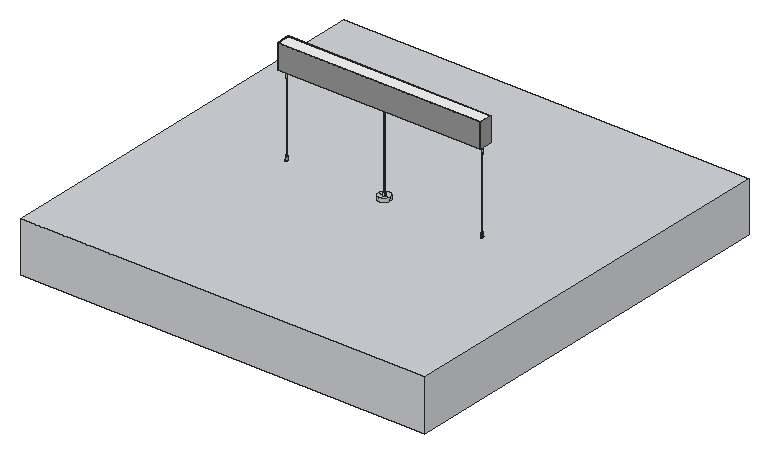
Revit family "en-halla-sura-opal-suspendedrfa", category Осветительные приборы, Revit 2017
Family settings
  Основа = Грань
  Размер круглого соединителя = Использовать диаметр
  Тип детали = Нормальный
  Номер OmniClass = 23.80.70.11.11
  Заголовок OmniClass = General Luminaries, Non Directional
  При загрузке вырезать с полостями = Нет
  Источник света = Нет
  Общий = Нет
  Точка расчета площади = Нет
Parameters
  Полная установленная мощность = Power input  # 84 VA
  Youtube clip = ""
  Weight Net (Kg) = "0"
  Изготовитель = "HALLA"  # constant formula
  Default Elevation = 0 mm
  Voltage = ""
  Uniclass 2.0 Description = "Luminaires And Lamps"
  Uniclass 2.0 Code = "PR-49"
  Uniclass 1.4 Description = "Luminaires and lamps"
  Uniclass 1.4 Code = "JY73"
  URL = "http://www.halla.cz"
  UNSPSC Code = "3911"
  Technical description = ""
  Switched on [instance] = yes
  Switched off [instance] = not(Switched on)  # no
  Suspension height [instance] = 500 mm
  Source used = ""
  Source type = ""
  Shape of luminaire = ""
  Region South America = "All"
  Region Oceania = "All"
  Region North America = "All"
  Region Middle East = "All"
  Region Europe = "All"
  Region Asia = "All"
  Region Antarctica = "All"
  Region Africa = "All"
  Real suspension height [instance] = if(Suspension height > 2000 mm, 2000 mm, Suspension height)  # 500 mm
  QR code = "http://file-system.ru/catalog/zdaniya_i_sooruzheniya/interer/osveshchenie/halla_sura_opal_svetilnik/"
  Accessory - suspension [instance] = SURA accessory - wire suspension 2000mm, set of 1 pcs : 02-0007, N
  Accessory - cable [instance] = SURA accessory - cable : 30-0051, K
  Accessory - right straight connector  [instance] = not([Accessory - right end cap])  # no
  Accessory - left straight connector  [instance] = not([Accessory - left end cap])  # no
  Accessory - right end cap [instance] = yes
  Accessory - left end cap [instance] = yes
  Accessory - cup  [instance] = SURA accessory - ceiling cup, circle : /30-0055, S - silver
  Protection class = ""
  Product group = "SURA"
  Product family = "Indoor Luminaires"
  Product data url = ""
  Product code = ""
  Product certification = ""
  Product URL = ""
  Product SKU = "sura_opal"
  Price (EUR) = 0
  Power input = 84 W
  Description = ""
  Optics type = ""
  Suspension distance from axis = Lighting length / 2 - 20 mm  # 590 mm
  End cap distance = Lighting length / 2  # 610 mm
  Number of sources = 1
  Nominal width = "0.00"
  Nominal height = "146.00"
  NBS Reference Description = "Luminaires And Lamps"
  NBS Reference Code = "49"
  Model = ""
  Material secondary = ""
  Material of luminaire = "Hliník"
  Material main = "Aluminium"
  Manufacturer name = "HALLA"
  Manufacturer country = "Czech Republic"
  Lighting width = 79 mm
  Lighting source distance [instance] = Real suspension height + Lighting height + 0.1 mm  # 646.1 mm
  Lighting length = 1220 mm
  Lighting height = 146 mm
  Lighting dimensions = ""
  LED source = yes
  Installation instructions = ""
  Installation instruction = ""
  Initial intensity = ""
  Initial colour = ""
  IP Code = ""
  IFC Classification = "Light Fixture"
  Frequency = ""
  Energy class = ""
  Electric potential = 230 V  # constant formula
  Код по классификатору = "D5020230"
  Edition number = "1"
  EAN code = ""
  EAN = ""
  Distribution = ""
  Designer = ""
  Design country = "Czech Republic"
  Depth = "79.00"
  Date of publishing = "2014-12-13"
  Data sheet = ""
  Control gear option = ""
  Colour of luminaire = Aluminium - anodised
  COBIe Type Category = ""
Reference planes
  plane 1 "Střed (vpředu/vzadu)": y = 0
  plane 2: z = 0
  plane 3 "Střed (vlevo/vpravo)": x = 0
  plane 4 "BP_Světlo spodní": z = 500
  plane 5 "BP_Světlo horní": z = 646
  plane 6: x = -610
  plane 7: x = 610
  plane 8 "BP_Zdroj světla": z = 573
  plane 9 "BP_Napojení horní": y = 39.5
  plane 10: y = -39.5
Forms (mm)
  Extrusion 1, solid
    sketch origin (0, 0, 0) x (1, 0, 0) y (0, 1, 0)
      loop
        line (-1219.2, 1219.2) -> (-1219.2, -1219.2) -> (1219.2, -1219.2) -> (1219.2, 1219.2) -> (-1219.2, 1219.2)
    from 0 to -304.8
  Extrusion 2, solid, material "Aluminium - anodised" <- "Colour of luminaire"
    sketch origin (0, 0, 0) x (0, 1, 0) y (0, 0, 1)
      loop
        line (37.5, 646) -> (37.5, 558) -> (-37.5, 558) -> (-37.5, 646) -> (-39.5, 646) -> (-39.5, 500) -> (-37.5, 500) -> (-37.5, 556) -> (37.5, 556) -> (37.5, 500) -> (39.5, 500) -> (39.5, 646) -> (37.5, 646)
    from -610 to 610
  Extrusion 3, solid, material "Diffuser - light switched on", visible <- "Switched off"
    sketch origin (0, 0, 0) x (0, 1, 0) y (0, 0, 1)
      loop
        line (37.5, 646) -> (-37.5, 646) -> (-37.5, 643.751) -> (37.5, 643.751) -> (37.5, 646)
    from -610 to 610
  Extrusion 4, solid, material "Diffuser - light switched off", visible <- "Switched on"
    sketch origin (0, 0, 0) x (0, 1, 0) y (0, 0, 1)
      loop
        line (37.5, 646) -> (-37.5, 646) -> (-37.5, 643.751) -> (37.5, 643.751) -> (37.5, 646)
    from -610 to 610
  Extrusion 5, solid, material "Aluminium - anodised" <- "Colour of luminaire"
    sketch origin (-1301.934, -4572, 500) x (-1, 0, 0) y (0, -1, 0)
      loop
        line (-691.934, -4609.5) -> (-691.934, -4534.5) -> (-744.934, -4534.5) -> (-744.934, -4609.5) -> (-691.934, -4609.5)
      loop
        line (-1911.934, -4609.5) -> (-1858.934, -4609.5) -> (-1858.934, -4534.5) -> (-1911.934, -4534.5) -> (-1911.934, -4609.5)
    from 0 to 2
  Extrusion 6, solid, material "Diffuser - light switched off"
    sketch origin (-1301.934, -4572, 500) x (-1, 0, 0) y (0, -1, 0)
      loop
        line (-744.934, -4609.5) -> (-744.934, -4534.5) -> (-1858.934, -4534.5) -> (-1858.934, -4609.5) -> (-744.934, -4609.5)
    from 0 to 2
Dimensions and locks
  equal spacing: plane 6, plane 3 "Střed (vlevo/vpravo)", plane 7
  "Lighting length": plane 6 to plane 7
  "Lighting width": plane 9 "BP_Napojení horní" to plane 10
  equal spacing: plane 9 "BP_Napojení horní", plane 1 "Střed (vpředu/vzadu)", plane 10
  equal spacing: plane 5 "BP_Světlo horní", plane 8 "BP_Zdroj světla", plane 4 "BP_Světlo spodní"
  "Real suspension height": plane 4 "BP_Světlo spodní" to Extrusion 1
  "Lighting height": plane 5 "BP_Světlo horní" to plane 4 "BP_Světlo spodní"
  "Suspension distance from axis": plane 3 "Střed (vlevo/vpravo)" to nested 6
  "Suspension distance from axis": nested 8 to plane 3 "Střed (vlevo/vpravo)"
  "End cap distance": nested 3 to plane 3 "Střed (vlevo/vpravo)"
  "End cap distance": plane 3 "Střed (vlevo/vpravo)" to nested 2
  locked: plane 9 "BP_Napojení horní" to Extrusion 5 sketch curve at 2
  locked: Extrusion 5 sketch curve to plane 10 at 2
  locked: plane 6 to Extrusion 5 sketch curve at 53
  locked: Extrusion 5 sketch curve to plane 7 at 53
  aligned and locked: plane 2 to Extrusion 1
  aligned and locked: level to Extrusion 1
  aligned and locked: Extrusion 2 to plane 7
  aligned and locked: Extrusion 2 to plane 6
  aligned and locked: Extrusion 3 to plane 7
  aligned and locked: Extrusion 3 to plane 6
  aligned and locked: Extrusion 4 to plane 6
  aligned and locked: Extrusion 4 to plane 7
  aligned and locked: plane 7 to nested 7
  aligned and locked: nested 9 to plane 6
  aligned and locked: Extrusion 2 sketch curve to plane 4 "BP_Světlo spodní"  (x2)
  aligned and locked: plane 6 to Extrusion 5 sketch curve
  aligned and locked: Extrusion 6 sketch curve to Extrusion 5  (x4)
Automatic sketch dimensions
  Extrusion 1 sketch curve to Extrusion 1 sketch curve = 2438.4 mm  (x2)
  Extrusion 3 sketch curve to plane 5 "BP_Světlo horní" = 0 mm
  plane 10 to Extrusion 3 sketch curve = 2 mm
  Extrusion 3 sketch curve to plane 9 "BP_Napojení horní" = 2 mm
  Extrusion 3 sketch curve to Extrusion 3 sketch curve = 2.249 mm
  Extrusion 4 sketch curve to plane 5 "BP_Světlo horní" = 0 mm
  plane 10 to Extrusion 4 sketch curve = 2 mm
  Extrusion 4 sketch curve to plane 9 "BP_Napojení horní" = 2 mm
  Extrusion 4 sketch curve to Extrusion 4 sketch curve = 2.249 mm
  Extrusion 2 sketch curve to plane 10 = 0 mm
  Extrusion 2 sketch curve to plane 5 "BP_Světlo horní" = 0 mm  (x2)
  Extrusion 2 sketch curve to plane 9 "BP_Napojení horní" = 0 mm
  plane 10 to Extrusion 2 sketch curve = 2 mm
  Extrusion 2 sketch curve to Extrusion 2 sketch curve = 0 mm
  Extrusion 2 sketch curve to Extrusion 2 sketch curve = 2 mm  (x3)
  Extrusion 2 sketch curve to plane 8 "BP_Zdroj světla" = 17 mm
  Extrusion 5 sketch curve to plane 7 = 0 mm
  plane 10 to Extrusion 5 sketch curve = 2 mm
  Extrusion 5 sketch curve to plane 9 "BP_Napojení horní" = 2 mm
Nested families
  nested 1: "SURA - source" at (0, 0, 646.1) x (0, -1, 0) z (0, 0, 1), built-in parameter 1001364 <- "Lighting source distance", type "SURA - source"
  nested 2: "SURA accessory - end cap, metal" at (610, 0, 0), Výška zavěšení <- "Real suspension height", visible <- "Accessory - right end cap", type "01-0008, E - anodised"
    with Výška zavěšení 500 mm
  nested 3: "SURA accessory - end cap, metal" at (-612, 0, 0), Výška zavěšení <- "Real suspension height", visible <- "Accessory - left end cap", type "01-0008, E - anodised"
    with Výška zavěšení 500 mm
  nested 4: "SURA accessory - ceiling cup, circle" at (0, 0, 0), type <- "Accessory - cup ", type "/30-0055, S - silver"
    with Výška zavěšení 2000 mm
  nested 5: "SURA accessory - cable" at (0, 0, 0), Výška zavěšení <- "Real suspension height", type <- "Accessory - cable", type "30-0051, K"
    with Výška zavěšení 500 mm
  nested 6: "SURA accessory - wire suspension 2000mm, set of 1 pcs" at (590, 0, 0), type <- "Accessory - suspension", Délka zavěšení <- "Real suspension height", type "02-0007, N"
    with Délka zavěšení 500 mm
  nested 7: "SURA accessory - direct joint" at (610, 0, 501.4) x (0, -1, 0) z (0, 0, 1), visible <- "Accessory - right straight connector ", type "01-0003, N"
  nested 8: "SURA accessory - wire suspension 2000mm, set of 1 pcs" at (-590, 0, 0) x (-1, 0, 0) z (0, 0, 1), type <- "Accessory - suspension", Délka zavěšení <- "Real suspension height", type "02-0007, N"
    with Délka zavěšení 500 mm
  nested 9: "SURA accessory - direct joint" at (-610, 0, 501.4) x (0, -1, 0) z (0, 0, 1), visible <- "Accessory - left straight connector ", type "01-0003, N"
Connectors
  electrical at (0, 0, 0), driven by "Полная установленная мощность", driven by "Electric potential", driven by "Полная установленная мощность"
    settings: index 1, voltage 230 V, apparent load 84 VA, apparent load phase1 84 VA, apparent load phase2 0 VA, apparent load phase3 0 VA, power factor 1, load classification "Osvětlení", number of poles 1, system type 30, power factor state 0, is connector primary yes, connector utility no, sub classification motor no, connector description ""
Definition of nested family "SURA accessory - end cap, metal"
  Parameters
    Výška zavěšení [instance] = 500 mm
    Manufacturer = "HALLA"  # constant formula
    Default Elevation = 0 mm
    URL = "http.//www.halla.cz"
    Description = ""
    Model = ""
    Assembly Code = "D5020200"
    Keynote = ""
    Barva svítidla = none
  Reference planes
    plane 1 "Střed (vpředu/vzadu)": y = 0
    plane 2: z = 0
    plane 3 "Střed (vlevo/vpravo)": x = 0
    plane 4: z = 500
    plane 5: z = 646
    plane 6: x = 3
  Forms (mm)
    Extrusion 1, solid, material <- "Barva svítidla"
      sketch origin (0, 0, 0) x (0, 1, 0) y (0, 0, 1)
        loop
          line (0, 646) -> (-39.5, 646) -> (-39.5, 500) -> (39.5, 500) -> (39.5, 646) -> (0, 646)
      from 0 to 2
  Dimensions and locks
    "Výška zavěšení": plane 4 to level
    plane 5 to plane 4 = 146 mm
    aligned and locked: level to plane 2
  Automatic sketch dimensions
    Extrusion 1 sketch curve to plane 4 = 0 mm
    Extrusion 1 sketch curve to plane 1 "Střed (vpředu/vzadu)" = 0 mm
    Extrusion 1 sketch curve to plane 5 = 0 mm
    plane 1 "Střed (vpředu/vzadu)" to Extrusion 1 sketch curve = 39.5 mm
    Extrusion 1 sketch curve to plane 1 "Střed (vpředu/vzadu)" = 39.5 mm
Definition of nested family "SURA accessory - ceiling cup, circle"
  Parameters
    Výška zavěšení [instance] = 100 mm
    Manufacturer = "HALLA"  # constant formula
    Default Elevation = 0 mm
    URL = "http.//www.halla.cz"
    Description = ""
    Model = ""
    Assembly Code = "D5020200"
    Keynote = ""
    Barva svítidla = none
  Reference planes
    plane 1 "Střed (vpředu/vzadu)": y = 0
    plane 2: z = 0
    plane 3 "Střed (vlevo/vpravo)": x = 0
  Forms (mm)
    Revolve 1, solid, material <- "Barva svítidla"
      sketch origin (0, 0, 0) x (1, 0, 0) y (0, 0, 1)
        loop
          line (0, 0) -> (0, 35) -> (-5, 35) -> (-7, 19) -> (-35, 19) -> (-35, 0) -> (0, 0)
        axis (0, 0) -> (0, 35)
      angle from 0 to 360
  Dimensions and locks
    aligned and locked: level to plane 2
Definition of nested family "SURA accessory - cable"
  Parameters
    Výška zavěšení [instance] = 2000 mm
    Manufacturer = "HALLA"  # constant formula
    Default Elevation = 0 mm
    URL = "http.//www.halla.cz"
    Rozměr svítidla = "2000 mm"
    Description = ""  # constant formula
    Model = ""  # constant formula
    Assembly Code = "D5020200"
    Keynote = ""
    Barva svítidla = none
  Reference planes
    plane 1 "Střed (vpředu/vzadu)": y = 0
    plane 2: z = 0
    plane 3 "Střed (vlevo/vpravo)": x = 0
  Forms (mm)
    Extrusion 1, solid, material <- "Barva svítidla"
      sketch origin (0, 0, 0) x (1, 0, 0) y (0, 1, 0)
        loop
          circle (0, 0) r 2.019
      from 0 to 2000 <- "Výška zavěšení"
  Dimensions and locks
    aligned and locked: level to plane 2
Definition of nested family "SURA accessory - wire suspension 2000mm, set of 1 pcs"
  Parameters
    Manufacturer = "HALLA"  # constant formula
    Default Elevation = 0 mm
    URL = ""
    Description = ""
    Model = ""
    Kód výrobku = ""
    Assembly Code = "D5020200"
    Keynote = ""
    Délka zavěšení [instance] = 300 mm
    Barva svítidla = none
  Reference planes
    plane 1 "Střed (vpředu/vzadu)": y = 0
    plane 2: z = 0
    plane 3 "Střed (vlevo/vpravo)": x = 0
    plane 4: z = 300
    plane 5: z = 272
  Forms (mm)
    Revolve 1, solid, not visible
      sketch origin (0, 0, 0) x (0, 1, 0) y (0, 0, 1)
        loop
          line (-600, 19.35) -> (-600, 0) -> (-592.108, 0) -> (-592.108, 1.35) -> (-594.015, 1.35) -> (-594.015, 19.35) -> (-600, 19.35)
        axis (-600, 0) -> (-600, 19.35)
      angle from 0 to 360
    Revolve 2, solid, not visible
      sketch origin (0, 0, 0) x (0, 1, 0) y (0, 0, 1)
        loop
          line (-600, 600) -> (-600, 568.8) -> (-598, 568.8) -> (-598, 575.5) -> (-595.494, 575.5) -> (-595.494, 600) -> (-600, 600)
        axis (-600, 568.8) -> (-600, 600)
      angle from 0 to 360
    Extrusion 3, solid, not visible
      sketch origin (0, 0, 0) x (1, 0, 0) y (0, 1, 0)
        loop
          circle (0, -600) r 1.018
      from 0 to 300 <- "Délka zavěšení"
    Revolve 4, solid
      sketch origin (0, 321.521, 1200) x (0, 1, 0) y (0, 0, 1)
        loop
          line (-351.021, -900) -> (-351.021, -902.228) -> (-349.021, -902.228) -> (-349.021, -901.341) -> (-346.515, -901.341) -> (-346.515, -900) -> (-351.021, -900)
        axis (-351.021, -902.228) -> (-351.021, -900)
      angle from 0 to 360
    Revolve 5, solid
      sketch origin (0, -321.521, 1200) x (0, -1, 0) y (0, 0, -1)
        loop
          line (-351.021, 900) -> (-346.515, 900) -> (-346.515, 901.341) -> (-349.021, 901.341) -> (-349.021, 902.228) -> (-351.021, 902.228) -> (-351.021, 900)
        axis (-351.021, 902.228) -> (-351.021, 900)
      angle from 0 to 360
    Sweep 6, solid, material <- "Barva svítidla"
      path in 3D
        loop
          line (0, 0, 269.159) -> (0, 0, 0)
      profile origin (0, 0, 134.579) x (1, 0, 0) y (0, 1, 0)
        loop
          circle (0, 0) r 0.4
    Sweep 7, solid, material <- "Barva svítidla"
      path in 3D
        loop
          line (0, 29.5, 298.659) -> (0, 0, 269.159) -> (0, -29.5, 298.659)
      profile origin (0, 14.75, 283.909) x (0, 0.707107, -0.707107) y (1, 0, 0)
        loop
          circle (0, 0) r 0.4
    Extrusion 8, solid
      sketch origin (0, 1.6, 272) x (0, 1, 0) y (-1, 0, 0)
        loop
          circle (-1.6, -0.006) r 4
      from 0 to -23.625
    Revolve 9, solid
      sketch origin (0, 0, 0) x (0, 1, 0) y (0, 0, 1)
        loop
          line (6, 0) -> (6, 2) -> (5, 2) -> (5, 22.527) -> (2, 26) -> (0, 26) -> (0, 0) -> (6, 0)
        axis (0, 26) -> (0, 0)
      angle from 0 to 360
  Lines and regions (mm)
    reference lines
      curve 1: line (0, 29.5, 298.659) -> (0, 0, 269.159)
      curve 2: line (0, 0, 269.159) -> (0, -29.5, 298.659)
      curve 3: line (0, 0, 269.159) -> (0, 0, 0)
    sketch lines
      curve 4: line (0, 0, 269.159) -> (0, 0, 0)
      curve 5: line (0, 29.5, 298.659) -> (0, 0, 269.159)
      curve 6: line (0, 0, 269.159) -> (0, -29.5, 298.659)
  Dimensions and locks
    "Délka zavěšení": plane 4 to level
    locked: plane 4 to plane 5 at 28
    locked: plane 5 to Extrusion 8 at 23.625
    aligned and locked: level to plane 2
    aligned and locked: plane 2 to curve 3
    aligned and locked: Extrusion 8 to plane 5
    aligned and locked: Revolve 9 sketch curve to curve 3
  Automatic sketch dimensions
    Revolve 2 sketch curve to Revolve 2 sketch curve = 4.506 mm
    Revolve 2 sketch curve to Revolve 2 sketch curve = 6.7 mm
    Revolve 1 sketch curve to Revolve 1 sketch curve = 1.906 mm
    Revolve 1 sketch curve to Revolve 1 sketch curve = 18 mm
    Revolve 1 sketch curve to Revolve 1 sketch curve = 5.985 mm
    Revolve 1 sketch curve to Revolve 1 sketch curve = 1.35 mm
    Revolve 1 sketch curve to Revolve 1 sketch curve = 0 mm
    Revolve 1 sketch curve to Revolve 1 sketch curve = 304.8 mm
    Revolve 1 sketch curve to Revolve 1 sketch curve = 2419.05 mm
    Revolve 2 sketch curve to Revolve 2 sketch curve = 2.506 mm
    Revolve 2 sketch curve to Revolve 2 sketch curve = 24.5 mm
    Revolve 2 sketch curve to Revolve 2 sketch curve = 0 mm
    Revolve 2 sketch curve to Revolve 2 sketch curve = 873.6 mm
    Revolve 2 sketch curve to Revolve 2 sketch curve = 1838.4 mm
    Revolve 4 sketch curve to plane 4 = 0 mm
    Revolve 4 sketch curve to Revolve 4 sketch curve = 2 mm
    Revolve 4 sketch curve to Revolve 4 sketch curve = 4.506 mm
    Revolve 4 sketch curve to plane 4 = 1.341 mm
    Revolve 4 sketch curve to Revolve 4 sketch curve = 0.886 mm
    Revolve 4 sketch curve to level = 304.8 mm
    Revolve 4 sketch curve to Revolve 4 sketch curve = 1838.4 mm
    Revolve 5 sketch curve to plane 4 = 0 mm
    Revolve 5 sketch curve to plane 1 "Střed (vpředu/vzadu)" = 29.5 mm  (x2)
    Revolve 5 sketch curve to Revolve 5 sketch curve = 2 mm
    Revolve 5 sketch curve to Revolve 5 sketch curve = 4.506 mm
    Revolve 5 sketch curve to plane 4 = 1.341 mm
    Revolve 5 sketch curve to Revolve 5 sketch curve = 0.886 mm
    Revolve 5 sketch curve to Revolve 5 sketch curve = 1838.4 mm
    Revolve 5 sketch curve to level = 304.8 mm
    plane 1 "Střed (vpředu/vzadu)" to Revolve 4 sketch curve = 29.5 mm  (x2)
    curve 2 to plane 1 "Střed (vpředu/vzadu)" = 0 mm
    curve 2 to plane 4 = 30.841 mm
    curve 2 to plane 4 = 1.341 mm
    plane 1 "Střed (vpředu/vzadu)" to curve 2 = 29.5 mm
    curve 1 to plane 4 = 1.341 mm
    profile plane to Sweep 6 sketch curve = 0 mm
    Sweep 6 sketch curve to profile plane = 0 mm
    Sweep 7 sketch curve to profile plane = 0 mm  (x2)
    plane 1 "Střed (vpředu/vzadu)" to Extrusion 8 sketch curve = 0 mm
    plane 3 "Střed (vlevo/vpravo)" to Extrusion 8 sketch curve = 0.006 mm
    Revolve 9 sketch curve to level = 0 mm  (x2)
    Revolve 9 sketch curve to plane 1 "Střed (vpředu/vzadu)" = 0 mm
    Revolve 9 sketch curve to plane 1 "Střed (vpředu/vzadu)" = 2 mm
    level to Revolve 9 sketch curve = 2 mm
    Revolve 9 sketch curve to plane 1 "Střed (vpředu/vzadu)" = 5 mm
    Revolve 9 sketch curve to Revolve 9 sketch curve = 1 mm
    Revolve 9 sketch curve to Revolve 9 sketch curve = 24 mm
    Revolve 9 sketch curve to Revolve 9 sketch curve = 3.473 mm
    Revolve 9 sketch curve to plane 5 = 2.841 mm
    radius of Extrusion 3 sketch curve = 1.018 mm
    radius of Sweep 6 sketch curve = 0.4 mm
    radius of Sweep 7 sketch curve = 0.4 mm
    radius of Extrusion 8 sketch curve = 4 mm
Definition of nested family "SURA accessory - direct joint"
  Parameters
    Manufacturer = "HALLA"  # constant formula
    Default Elevation = 0 mm
    URL = "http.//www.halla.cz"
    Description = ""
    Model = ""
    Assembly Code = "D5020200"
    Keynote = ""
    Barva svítidla = none
  Reference planes
    plane 1 "Střed (vpředu/vzadu)": y = 0
    plane 2: z = 0
    plane 3 "Střed (vlevo/vpravo)": x = 0
    plane 4: z = 8
    plane 5: y = -2.001
    plane 6: y = 2.001
  Forms (mm)
    Extrusion 1, solid, material <- "Barva svítidla"
      sketch origin (0, 0, 0) x (1, 0, 0) y (0, 1, 0)
        loop
          line (-18, -2.001) -> (-20.046, -4.047) -> (-20.046, -16.047) -> (-18, -18.093) -> (0, -18.093) -> (18, -18.093) -> (20.046, -16.047) -> (20.046, -4.047) -> (18, -2.001) -> (9.963, -2.001) -> (6, -4.951) -> (6, -2.926) -> (0, -2.926) -> (-6, -2.926) -> (-6, -4.951) -> (-9.963, -2.001) -> (-18, -2.001)
        loop
          line (-18, 2.001) -> (-9.963, 2.001) -> (-6, 4.951) -> (-6, 2.968) -> (0, 2.968) -> (6, 2.968) -> (6, 4.951) -> (9.963, 2.001) -> (18, 2.001) -> (20.046, 4.047) -> (20.046, 16.047) -> (18, 18.093) -> (0, 18.093) -> (-18, 18.093) -> (-20.046, 16.047) -> (-20.046, 4.047) -> (-18, 2.001)
      from 0 to 2
    Extrusion 2, solid, material <- "Barva svítidla"
      sketch origin (0, 0, 0) x (1, 0, 0) y (0, 1, 0)
        loop
          line (-6, 4.951) -> (-6, 2.968) -> (6, 2.968) -> (6, 4.951) -> (-6, 4.951)
        loop
          line (-6, -2.926) -> (-6, -4.951) -> (6, -4.951) -> (6, -2.926) -> (-6, -2.926)
      from 2 to 14
    Revolve 3, solid, material <- "Barva svítidla"
      sketch origin (0, 0, 0) x (0, 1, 0) y (0, 0, 1)
        loop
          line (-4.951, 8) -> (-4.951, 13) -> (-5.743, 13)
          arc (-5.743, 13) -> (-6.739, 10.579) -> (-7.187, 8) r 12.013
          line (-7.187, 8) -> (-4.951, 8)
        axis (-4.951, 8) -> (-7.187, 8)
      angle from 0 to 360
    Revolve 4, solid, material <- "Barva svítidla"
      sketch origin (0, 0, 0) x (0, 1, 0) y (0, 0, 1)
        loop
          line (-2.926, 8) -> (7.574, 8) -> (7.574, 10.025) -> (-2.926, 10.025) -> (-2.926, 8)
        axis (7.574, 8) -> (-2.926, 8)
      angle from 0 to 360
    Extrusion 5, solid, material <- "Barva svítidla"
      sketch origin (0, 0, 0) x (1, 0, 0) y (0, 0, 1)
        loop
          line (0, 12.049) -> (-4.041, 12.049) -> (-4.041, 4.049) -> (3.959, 4.049) -> (3.959, 12.049) -> (0, 12.049)
      from -7 to -4.951
  Dimensions and locks
    aligned and locked: level to plane 2
Definition of nested family "SURA - source"
  Parameters
    Tilt Angle = -90.00°
    Photometric Web File = "SURA.ies"
    Wattage = 9.2903 W
    built-in parameter 1150110 = 1 (stored number, unit not read)
    Emit from Rectangle Width = 1220 mm
    Emit from Rectangle Length = 75 mm
    Emit Shape Visible in Rendering = no
    built-in parameter 1114217 = 1 (stored number, unit not read)
    built-in parameter 1150109 = 1 (stored number, unit not read)
    built-in parameter 1150134 = (empty or 0)
    built-in parameter 1150113 = 1 (stored number, unit not read)
    Lumens = 1380 lm
    built-in parameter 1150115 = 1 (stored number, unit not read)
    built-in parameter 1150105 = 109.82 (stored number, unit not read)
    built-in parameter 1150137 = (empty or 0)
    built-in parameter 1150139 = (empty or 0)
    built-in parameter 1150112 = 1 (stored number, unit not read)
    built-in parameter 1150114 = 1 (stored number, unit not read)
    built-in parameter 1150132 = 2
    built-in parameter 1150102 = (empty or 0)
    built-in parameter 1150138 = (empty or 0)
    built-in parameter 1150107 = 3000 (stored number, unit not read)
    built-in parameter 1150106 = 1.0982 (stored number, unit not read)
    built-in parameter 1150104 = 13.8 (stored number, unit not read)
    Dimming Lamp Color Temperature Shift = (empty or 0)
    Color Filter = 16777215
    built-in parameter 1114218 = 1 (stored number, unit not read)
    built-in parameter 1150133 = 10 (stored number, unit not read)
  Reference planes
    plane 1 "Osa světelného zdroje (přední/zadní)": y = 0
    plane 2: z = 0
    plane 3 "Osa světelného zdroje (levá/pravá)": x = 0
    plane 4 "Výška světelného zdroje": z = 0
  Dimensions and locks
    aligned and locked: plane 3 "Osa světelného zdroje (levá/pravá)" to imposter light
    aligned and locked: plane 1 "Osa světelného zdroje (přední/zadní)" to imposter light
    aligned and locked: plane 4 "Výška světelného zdroje" to imposter light
    aligned and locked: level to plane 2
